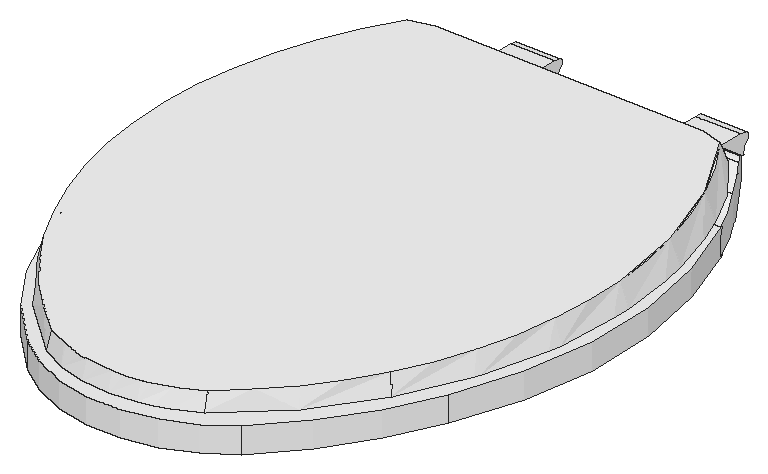
Revit family "Toilet_Seat-Elongated-Kohler-Brevia-4774", category Specialty Equipment, host Face, Revit 2019 (continued)
Automatic sketch dimensions
  curve 63 to curve 63 = 0' - 0.41597"
  curve 52 to curve 48 = 0' - 0.11881"
  curve 52 to curve 54 = 0' - 0.11868"
  curve 35 to curve 38 = 0' - 0.16994"
  curve 48 to curve 49 = 0' - 0.18396"  (x2)
  curve 55 to curve 62 = 0' - 0.0287"  (x2)
  curve 40 to curve 39 = 0' - 0.00065"  (x2)
  curve 55 to curve 56 = 0' - 0.03017"  (x2)
  curve 41 to curve 50 = 0' - 0.00147"  (x2)
  curve 39 to curve 37 = 0' - 0.65417"
  curve 56 to curve 57 = 0' - 0.06862"  (x2)
  curve 50 to curve 51 = 0' - 0.06862"  (x2)
  curve 51 to curve 53 = 0' - 0.08698"
  curve 57 to curve 59 = 0' - 0.12366"
  curve 53 to curve 47 = 0' - 0.03668"
  curve 67 to curve 66 = 0' - 0.42656"
  curve 37 to curve 33 = 0' - 0.40632"
  curve 36 to curve 36 = 0' - 0.25049"
  curve 45 to curve 43 = 0' - 0.20375"
  curve 64 to curve 52 = 18' - 5.44623"
  curve 23 to plane 76 = 0' - 0"
  curve 16 to plane 3 "Center (Left/Right)" = 0' - 0"
  curve 23 to plane 79 = 0' - 0"
  curve 22 to plane 79 = 0' - 0"
  plane 82 to curve 23 = 0' - 0"
  curve 9 to plane 76 = 0' - 0.00023"
  curve 12 to plane 76 = 0' - 0.15202"
  curve 7 to plane 76 = 0' - 0.56101"
  plane 82 to curve 9 = 0' - 0.0653"
  curve 9 to curve 7 = 0' - 0.07505"
  curve 10 to curve 11 = 0' - 0.26319"
  curve 13 to plane 76 = 0' - 0.99502"
  curve 11 to plane 76 = 0' - 1.04438"
  curve 3 to plane 76 = 0' - 1.07271"
  curve 1 to curve 10 = 0' - 0.32954"
  plane 82 to curve 8 = 0' - 0.4075"
  curve 17 to curve 4 = 0' - 0.07345"
  curve 10 to curve 1 = 0' - 0.09212"
  curve 5 to curve 17 = 0' - 0.47358"
  curve 15 to curve 3 = 0' - 0.76449"
  curve 13 to curve 8 = 0' - 0.64905"
  curve 18 to curve 5 = 0' - 0.16817"
  curve 13 to curve 13 = 0' - 0.07756"
  curve 1 to curve 14 = 0' - 0.13312"
  plane 4 "Left" to curve 10 = 0' - 0.71399"
  plane 4 "Left" to curve 2 = 0' - 0.39793"
  plane 4 "Left" to curve 1 = 0' - 0.30384"
  curve 12 to plane 4 "Left" = 0' - 0.08409"
  plane 1 "Pivot Center" to curve 11 = 0' - 0.46563"
  curve 11 to plane 4 "Left" = 0' - 6.23942"
  curve 10 to plane 13 "Back" = 0' - 2.83534"
  curve 13 to plane 82 = 0' - 0.22123"
  plane 76 to curve 13 = 0' - 0.37063"
  curve 16 to plane 77 = 0' - 0.23517"
  curve 15 to curve 2 = 0' - 0.04423"
  curve 3 to plane 3 "Center (Left/Right)" = 0' - 0"
  plane 78 to curve 3 = 0' - 0.23277"
  curve 4 to curve 16 = 0' - 0.04423"
  curve 19 to plane 79 = 0' - 0.06035"
  plane 79 to curve 7 = 0' - 0.55889"
  plane 82 to curve 6 = 0' - 0.2299"
  plane 82 to curve 21 = 0' - 0.0653"
  curve 6 to curve 21 = 0' - 0.07505"
  plane 82 to curve 21 = 0' - 0.13035"
  curve 22 to curve 21 = 0' - 0.26319"
  curve 21 to plane 13 "Back" = 0' - 0.82397"
  curve 21 to curve 21 = 0' - 0.40831"
  curve 21 to curve 5 = 0' - 0.32954"
  plane 82 to curve 6 = 0' - 0.4075"
  plane 79 to curve 2 = 0' - 1.23101"
  curve 2 to curve 15 = 0' - 0.07345"
  curve 6 to curve 19 = 0' - 0.09212"
  curve 15 to curve 1 = 0' - 0.47358"
  curve 5 to curve 19 = 0' - 0.65289"
  curve 1 to curve 14 = 0' - 0.16817"
  curve 19 to curve 18 = 0' - 0.07371"
  curve 17 to curve 5 = 0' - 0.13312"
  plane 5 "Right" to curve 20 = 0' - 0.71399"
  plane 5 "Right" to curve 4 = 0' - 0.39793"
  plane 5 "Right" to curve 5 = 0' - 0.30384"
  plane 5 "Right" to curve 19 = 0' - 0.0667"
  curve 20 to plane 13 "Back" = 0' - 2.83534"
  curve 12 to plane 12 = 0' - 2.13085"
  curve 19 to plane 12 = 0' - 2.25564"
  curve 5 to curve 14 = 0' - 0.11435"
  curve 1 to curve 14 = 0' - 0.11435"
  curve 17 to curve 5 = 0' - 0.26324"
  curve 15 to curve 1 = 0' - 0.26324"
  curve 4 to curve 17 = 0' - 0.07384"
  curve 2 to curve 1 = 0' - 0.33708"
  curve 2 to curve 3 = 0' - 0.1693"
  curve 17 to curve 4 = 0' - 0.53618"
  curve 15 to curve 2 = 0' - 0.53619"
  curve 18 to curve 17 = 0' - 0"
  curve 18 to curve 19 = 0' - 0.10093"
  curve 25 to plane 9 = 0' - 0"
  curve 24 to plane 8 = 0' - 0"
  curve 25 to plane 4 "Left" = 0' - 0"
  plane 4 "Left" to curve 24 = 0' - 0.12475"
  plane 4 "Left" to curve 26 = 0' - 0.30384"
  curve 27 to curve 26 = 0' - 0.09409"
  curve 30 to plane 7 "Top" = 0' - 0.18291"
  plane 10 to curve 26 = 0' - 0.08255"
  curve 26 to curve 30 = 0' - 0.1722"
  curve 29 to plane 7 "Top" = 0' - 0.18972"
  curve 29 to curve 26 = 0' - 0.37482"
  curve 28 to curve 29 = 0' - 0.16042"
  plane 10 to curve 28 = 0' - 0.02034"
  curve 28 to plane 77 = 0' - 0.18232"
  curve 28 to plane 3 "Center (Left/Right)" = 0' - 0"
  plane 10 to curve 29 = 0' - 0.02044"
  plane 78 to curve 29 = 0' - 0.23277"
  curve 27 to plane 7 "Top" = 0' - 0.18971"
  plane 79 to curve 27 = 0' - 1.23101"
  plane 10 to curve 29 = 0' - 0.08246"
  curve 29 to curve 27 = 0' - 0.373"
  curve 26 to curve 30 = 0' - 0.17403"
  curve 30 to curve 29 = 0' - 0.09409"
  plane 5 "Right" to curve 24 = 0' - 0.12475"
  curve 25 to plane 5 "Right" = 0' - 0.01378"
  curve 26 to plane 7 "Top" = 0' - 0.18289"
  curve 67 to plane 8 = 0' - 0"
  curve 53 to plane 9 = 0' - 0"
  curve 60 to level = 0' - 0"
  curve 54 to plane 77 = 0' - 0"
  curve 59 to level = 0' - 0"
  curve 47 to level = 0' - 0"
  curve 53 to plane 78 = 0' - 0"
  curve 46 to plane 79 = 0' - 0"
  curve 45 to plane 79 = 0' - 0"
  curve 33 to plane 8 = 0' - 0"
  curve 42 to level = 0' - 0"
  plane 76 to curve 66 = 0' - 0.29378"
  plane 76 to curve 64 = 0' - 0.21525"
  curve 55 to plane 76 = 0' - 0.00023"
  level to curve 63 = 0' - 0.32345"
  curve 63 to plane 76 = 0' - 0.88271"
  plane 9 to curve 62 = 0' - 0.15706"
  curve 62 to curve 63 = 0' - 0.30401"
  curve 64 to curve 62 = 0' - 0.09702"
  curve 65 to curve 63 = 0' - 0.10401"
  curve 65 to plane 10 = 0' - 0.14663"
  curve 65 to curve 63 = 0' - 0.23092"
  curve 65 to curve 61 = 0' - 0.07559"
  curve 65 to curve 65 = 0' - 0.07146"
  curve 63 to curve 65 = 0' - 0.21593"
  curve 66 to curve 66 = 0' - 0.20375"
  curve 66 to plane 8 = 0' - 0.04517"
  curve 66 to curve 66 = 0' - 0.29366"
  curve 67 to curve 67 = 0' - 0.05435"
  curve 64 to level = 0' - 0.00092"
  curve 67 to plane 9 = 0' - 0.01773"
  curve 67 to curve 67 = 0' - 0.57198"
  curve 64 to curve 64 = 0' - 0.44899"
  plane 11 to curve 52 = 5' - 7.41231"
  curve 52 to plane 4 "Left" = 17' - 5.68758"
  curve 52 to plane 3 "Center (Left/Right)" = 0' - 0"
  curve 39 to plane 79 = 0' - 0.36362"
  curve 34 to plane 79 = 0' - 0.11366"
  level to curve 40 = 0' - 0.3177"
  plane 9 to curve 41 = 0' - 0.15706"
  curve 40 to curve 41 = 0' - 0.30411"
  curve 38 to plane 8 = 0' - 0.13527"
  curve 41 to curve 38 = 0' - 0.09541"
  curve 39 to curve 40 = 0' - 0"
  curve 38 to curve 36 = 0' - 0.02142"
  curve 36 to curve 36 = 0' - 0.10337"
  curve 36 to curve 35 = 0' - 0.01071"
  curve 36 to plane 8 = 0' - 0.10221"
  curve 38 to curve 36 = 0' - 0.15009"
  curve 40 to curve 35 = 0' - 0.15494"
  curve 35 to curve 35 = 0' - 0.05198"
  curve 35 to curve 35 = 0' - 0.09508"
  curve 35 to curve 40 = 0' - 0.16657"
  curve 35 to curve 34 = 0' - 0.11683"
  curve 34 to plane 8 = 0' - 0.04517"
  curve 34 to curve 34 = 0' - 0.38058"
  curve 34 to curve 33 = 0' - 0.05258"
  plane 9 to curve 37 = 0' - 0.14644"
  curve 33 to curve 37 = 0' - 0.2195"
  plane 11 to curve 37 = 0' - 0.56055"
  curve 39 to level = 0' - 0.0009"
  curve 37 to curve 39 = 0' - 0.2328"
  curve 33 to plane 9 = 0' - 0.01191"
  curve 37 to curve 33 = 0' - 0.33328"
  curve 39 to curve 39 = 0' - 0.4528"
  level to curve 64 = 0' - 0.10013"
  level to curve 39 = 0' - 0.1026"
  curve 54 to curve 62 = 0' - 0.21265"
  curve 43 to curve 48 = 0' - 0.11334"
  curve 35 to curve 39 = 0' - 0.06981"
  curve 65 to curve 64 = 0' - 0.06441"
  curve 59 to plane 9 = 0' - 0.03668"
  curve 42 to plane 9 = 0' - 0.03668"
  curve 45 to plane 8 = 0' - 0.14852"
Types (10): name | Finish
  Plastic-White-0 | Plastic-Kohler-0-White
  Plastic-Black_Black-7 | Plastic-Kohler-7-Black Black
  Plastic-Mexican_Sand-33 | Plastic-Kohler-33-Mexican Sand
  Plastic-Almond-47 | Plastic-Kohler-47-Almond
  Plastic-Innocent_Blush-55 | Plastic-Kohler-55-Innocent Blush
  Plastic-Thunder_Grey-58 | Plastic-Kohler-58-Thunder Grey
  Plastic-Ice_Grey-95 | Plastic-Kohler-95-Ice Grey
  Plastic-Biscuit-96 | Plastic-Kohler-96-Biscuit
  Plastic-Sandbar-G9 | Plastic-Kohler-G9-Sandbar
  Plastic-Cashmere-K4 | Plastic-Kohler-K4-Cashmere
